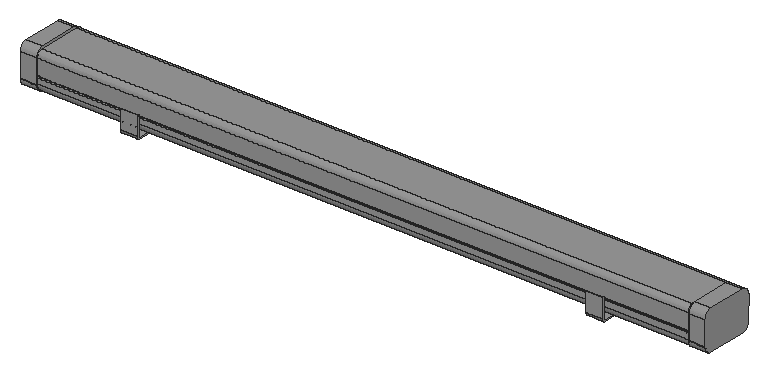
Revit family "EURS_63_LF_FB_Pacific LED_WT490C L1200", category Lighting Fixtures, host Face, Revit 2019 (continued)
Definition of nested family "WT490C IES Data"
  Types (144, lengths in mm): name | Wattage | built-in parameter 1150134 | Photometric Web File | built-in parameter 1150105 | Lumens | Lamp | built-in parameter 1150107 | built-in parameter 1150106 | built-in parameter 1150104 | Apparent Load
    PSD EL3 L1200 1 xLED100S_840 VWB | 3 W | 12 | "WT490C PSD EL3 L1200 1 xLED100S_840 VWB.ies" | 39.789 (stored number, unit not read) | 500 lm | "LED100S/840" | 4000 (stored number, unit not read) | 0.39789 (stored number, unit not read) | 15.484 (stored number, unit not read) | 3 VA
    PSD EL3 L1200 1 xLED100S_840 NB-HRO | 3 W | 12 | "WT490C PSD EL3 L1200 1 xLED100S_840 NB-HRO.ies" | 39.789 (stored number, unit not read) | 500 lm | "LED100S/840" | 4000 (stored number, unit not read) | 0.39789 (stored number, unit not read) | 15.484 (stored number, unit not read) | 3 VA
    PSD EL3 L1200 1 xLED100S_830 WB | 3 W | (empty or 0) | "WT490C PSD EL3 L1200 1 xLED100S_830 WB.ies" | 39.789 (stored number, unit not read) | 500 lm | "LED100S/830" | 3000 (stored number, unit not read) | 0.39789 (stored number, unit not read) | 15.484 (stored number, unit not read) | 3 VA
    PSD EL3 L1200 1 xLED100S_830 VWB | 3 W | (empty or 0) | "WT490C PSD EL3 L1200 1 xLED100S_830 VWB.ies" | 39.789 (stored number, unit not read) | 500 lm | "LED100S/830" | 3000 (stored number, unit not read) | 0.39789 (stored number, unit not read) | 15.484 (stored number, unit not read) | 3 VA
    PSD EL3 L1200 1 xLED100S_830 NB-HRO | 3 W | (empty or 0) | "WT490C PSD EL3 L1200 1 xLED100S_830 NB-HRO.ies" | 39.789 (stored number, unit not read) | 500 lm | "LED100S/830" | 3000 (stored number, unit not read) | 0.39789 (stored number, unit not read) | 15.484 (stored number, unit not read) | 3 VA
  Reference planes
    plane 1 "Center (Front/Back)": y = 0
    plane 2: z = 0
    plane 3 "Center (Left/Right)": x = 0
  Forms (mm)
    Extrusion 1, solid
      sketch origin (0, 0, 0) x (1, 0, 0) y (0, 1, 0)
        loop
          line (-1219.2, 1219.2) -> (-1219.2, -1219.2) -> (1219.2, -1219.2) -> (1219.2, 1219.2) -> (-1219.2, 1219.2)
      from 0 to 123.942
  Dimensions and locks
    aligned and locked: plane 2 to Extrusion 1
    aligned and locked: level to Extrusion 1
